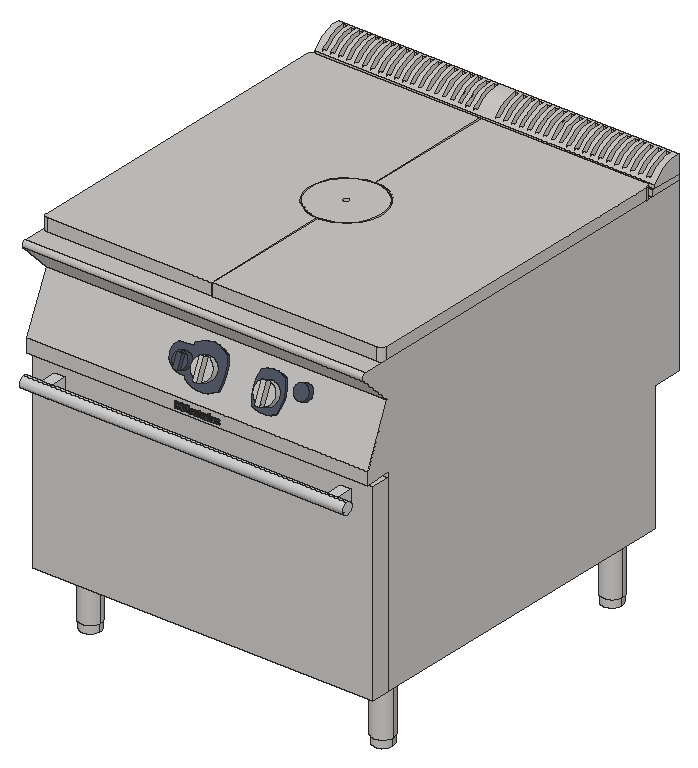
Revit family "QF_ELECTROLUXPROFESSIONAL_391606_E9DDATBBMEI", category Attrezzature speciali, Revit 2021
Family settings
  Quota connettore circolare = Usa diametro
  Tipo di parte = Normale
  Basato su piano di lavoro = No
  Sempre verticale = Sì
  Taglio con vuoti quando caricato = No
  Condiviso = No
  Punto di calcolo locali = No
Parameters (values of type "Standard")
  Weight = 171.00 kg
  Watts = 0 W
  Volts = 0 V
  URL Manufacturer = "https://www.electroluxprofessional.com/"
  URL = "https://www.electroluxprofessional.com/"
  Steam Supply Size = 0"
  Steam Supply Minimum Pressure = 0.00 psi
  Steam Supply Maximum Pressure = 0.00 psi
  Steam Consumption per Hour = 0
  Show Logo [instance] = yes
  Show Clearance [instance] = yes
  Refrigeration Suction Line Size = 0 mm
  Refrigeration Liquid Line Size = 0 mm
  Refrigerant Compressor Remote = yes
  Prospetto di default = 0 mm
  Phase = 0
  Modello = "E9DDATBBMEI"
  Produttore = "Electrolux Professional"
  Length Actual = 800 mm  # constant formula
  Item Number = "391606"
  Hot Water Size = 0"
  Height Actual = 850 mm  # constant formula
  HP = "0 HP"
  Gas Size = 1/2"
  Gas KW = 19
  Gas Input Pressure = 0.637167 Btu/h
  Direct Waste Size = 0"
  Descrizione = "GAS SOLID TOP+OVEN 800 MM - QMARK"
  Depth Actual = 930 mm  # constant formula
  Cycle = 0 Hz
  Condensate Return Size = 0"
  Compressed Air Volume = 0 GPM
  Compressed Air Size = 0"
  Compressed Air Pressure = 0.00 psi
  Cold Water Size = 0"
  Assembly Code = ""
  Accessory = yes
Reference planes
  plane 1 "BACK": y = 0
  plane 2: z = 0
  plane 3 "LEFT": x = 0
  plane 4 "RIGHT": x = 800
  plane 5 "FRONT": y = -930
  plane 6 "TOP": z = 909
  plane 7 "Center Y": x = 400
  plane 8 "Center X": y = -465
  plane 9 "Base": z = 150
  plane 10: z = 850.85
  plane 11: y = -1030
  plane 12: y = -1309
  plane 13: x = 56
  plane 14: x = 744
  plane 15: y = -126
  plane 16: y = -800
  plane 17: x = 780.125
  plane 18: x = 19.875
  plane 19: y = -664
Forms (mm)
  Revolve 1, solid, material "QF_Finishes_Stainless Steel"
    sketch origin (1, -126, 0) x (1, 0, 0) y (0, 0, 1)
      loop
        line (55, 0) -> (55, 150) -> (29.6, 150) -> (29.6, 19.05) -> (32.1, 19.05) -> (32.1, 0) -> (55, 0)
      axis (55, 0) -> (55, 150)
    angle from 0 to 360
  Revolve 2, solid, material "QF_Finishes_Stainless Steel"
    sketch origin (1, -800, 0) x (1, 0, 0) y (0, 0, 1)
      loop
        line (55, 0) -> (55, 150) -> (29.6, 150) -> (29.6, 19.05) -> (32.1, 19.05) -> (32.1, 0) -> (55, 0)
      axis (55, 0) -> (55, 150)
    angle from 0 to 360
  Revolve 3, solid, material "QF_Finishes_Stainless Steel"
    sketch origin (799, -126, 0) x (-1, 0, 0) y (0, 0, -1)
      loop
        line (55, 0) -> (32.1, 0) -> (32.1, -19.05) -> (29.6, -19.05) -> (29.6, -150) -> (55, -150) -> (55, 0)
      axis (55, 0) -> (55, -150)
    angle from 0 to 360
  Revolve 4, solid, material "QF_Finishes_Stainless Steel"
    sketch origin (799, -800, 0) x (-1, 0, 0) y (0, 0, -1)
      loop
        line (55, 0) -> (32.1, 0) -> (32.1, -19.05) -> (29.6, -19.05) -> (29.6, -150) -> (55, -150) -> (55, 0)
      axis (55, 0) -> (55, -150)
    angle from 0 to 360
  Extrusion 5, solid, material "QF_Finishes_Stainless Steel"
    sketch origin (0, 0, 0) x (0, 1, 0) y (0, 0, 1)
      loop
        line (0, 451) -> (0, 850.85) -> (-921.37, 850.85)
        arc (-921.37, 850.85) -> (-929.343, 845.523) -> (-927.472, 836.118) r 8.63
        line (-927.472, 836.118) -> (-858.137, 766.783) -> (-915.833, 641.426) -> (-915.833, 610.129) -> (-855.71, 614.825)
        arc (-855.71, 614.825) -> (-853.185, 614.077) -> (-852.093, 611.681) r 3.175
        line (-852.093, 611.681) -> (-852.093, 150) -> (-71, 150) -> (-71, 451) -> (0, 451)
    from 0 to 800
  Extrusion 6, solid, material "QF_Finishes_Stainless Steel"
    sketch origin (0, -852.093, 615.668) x (0, 0, -1) y (1, 0, 0)
      loop
        line (465.668, 0) -> (465.668, 800) -> (13.597, 800) -> (13.597, 0) -> (465.668, 0)
    from 3.175 to 47.778
  Extrusion 7, solid, material "QF_Finishes_Handrails and Railings"
    sketch origin (800, -852.093, 150) x (0, 0, 1) y (0, -1, 0)
      loop
        line (429.951, 47.778) -> (427.246, 86.456)
        arc (427.246, 86.456) -> (413.439, 87.649) -> (408.943, 100.759) r 12.7
        arc (408.943, 100.759) -> (408.126, 100.218) -> (407.351, 99.619) r 13.441
        arc (407.351, 99.619) -> (405.905, 97.814) -> (405.285, 95.586) r 5.77
        line (405.285, 95.586) -> (401.942, 47.778) -> (429.951, 47.778)
    from -76.2 to -50.8
  Extrusion 8, solid, material "QF_Finishes_Handrails and Railings"
    sketch origin (0, -852.093, 602.071) x (0, 0, -1) y (0, -1, 0)
      loop
        circle (30.812, 97.656) r 12.7
    from -19.875 to -780.125
  Extrusion 9, solid, material "QF_Finishes_Navy Blue", visible <- "Show Logo"
    sketch origin (0, -915.833, 228.55) x (0, 0, 1) y (-1, 0, 0)
      loop
        line (402.897, -357.807) -> (390.53, -357.807)
        arc (390.53, -357.807) -> (396.713, -362.379) -> (402.897, -357.807) r 6.467
      loop
        arc (402.897, -357.178) -> (401.728, -352.035) -> (397.072, -349.557) r 6.338
        line (397.072, -349.557) -> (397.072, -351.603)
        arc (397.072, -351.603) -> (398.555, -355.258) -> (402.001, -357.178) r 5.941
        line (402.001, -357.178) -> (402.897, -357.178)
      loop
        arc (391.425, -357.178) -> (394.871, -355.258) -> (396.355, -351.603) r 5.941
        line (396.355, -351.603) -> (396.355, -349.557)
        arc (396.355, -349.557) -> (391.661, -352.031) -> (390.371, -357.178) r 6.504
        line (390.371, -357.178) -> (391.425, -357.178)
      loop
        line (403.571, -349.088) -> (389.827, -349.088) -> (389.827, -362.851) -> (403.571, -362.851) -> (403.571, -349.088)
      loop
        arc (403.655, -365.819) -> (403.307, -365.461) -> (402.94, -365.799) r 0.358
        arc (402.94, -365.799) -> (402.626, -366.549) -> (401.909, -366.934) r 1.216
        line (401.909, -366.934) -> (391.497, -366.934)
        arc (391.497, -366.934) -> (390.837, -366.657) -> (390.441, -366.06) r 1.238
        arc (390.441, -366.06) -> (390.046, -365.809) -> (389.74, -366.163) r 0.358
        line (389.74, -366.163) -> (389.74, -376.042) -> (392.491, -376.042) -> (392.491, -375.145)
        arc (392.491, -375.145) -> (391.582, -374.565) -> (391.127, -373.588) r 1.928
        line (391.127, -373.588) -> (391.127, -371.089)
        arc (391.127, -371.089) -> (391.402, -370.36) -> (392.091, -369.996) r 1.101
        line (392.091, -369.996) -> (396.177, -369.996) -> (396.177, -373.67)
        arc (396.177, -373.67) -> (395.825, -374.167) -> (395.259, -374.395) r 1.083
        arc (395.259, -374.395) -> (394.996, -374.7) -> (395.288, -374.978) r 0.292
        line (395.288, -374.978) -> (398.25, -374.978)
        arc (398.25, -374.978) -> (398.553, -374.705) -> (398.314, -374.375) r 0.305
        arc (398.314, -374.375) -> (397.824, -374.127) -> (397.519, -373.67) r 1.083
        line (397.519, -373.67) -> (397.519, -369.996) -> (402.196, -369.996) -> (402.196, -373.744)
        arc (402.196, -373.744) -> (401.982, -374.499) -> (401.375, -374.997) r 1.314
        arc (401.375, -374.997) -> (401.156, -375.401) -> (401.511, -375.694) r 0.361
        line (401.511, -375.694) -> (403.655, -375.694) -> (403.655, -365.819)
      loop
        arc (402.938, -376.474) -> (402.557, -377.393) -> (401.639, -377.773) r 1.299
        line (401.639, -377.773) -> (392.06, -377.773)
        arc (392.06, -377.773) -> (391.222, -377.395) -> (390.95, -376.517) r 1.118
        line (390.95, -376.517) -> (389.74, -376.517) -> (389.74, -381.867) -> (390.929, -381.867)
        arc (390.929, -381.867) -> (391.201, -380.95) -> (392.07, -380.554) r 1.153
        line (392.07, -380.554) -> (404.143, -380.554) -> (402.938, -376.474)
      loop
        line (394.705, -384.503) -> (394.705, -390.951) -> (395.504, -390.951)
        arc (395.504, -390.951) -> (398.085, -389.966) -> (399.353, -387.513) r 3.874
        line (399.353, -387.513) -> (399.353, -385.752)
        arc (399.353, -385.752) -> (398.167, -382.887) -> (395.302, -381.701) r 4.051
        line (395.302, -381.701) -> (393.294, -381.701)
        arc (393.294, -381.701) -> (390.476, -383.186) -> (389.424, -386.193) r 4.352
        arc (389.424, -386.193) -> (389.789, -388.656) -> (391.166, -390.73) r 5.713
        line (391.166, -390.73) -> (392.115, -390.73)
        arc (392.115, -390.73) -> (391.382, -389.161) -> (391.166, -387.443) r 5.579
        arc (391.166, -387.443) -> (391.96, -385.48) -> (393.839, -384.503) r 3.057
        line (393.839, -384.503) -> (394.705, -384.503)
      loop
        line (395.965, -384.503) -> (395.965, -388.085)
        arc (395.965, -388.085) -> (397.421, -388.133) -> (398.304, -386.973) r 1.59
        line (398.304, -386.973) -> (398.304, -386.143)
        arc (398.304, -386.143) -> (397.44, -384.888) -> (395.965, -384.503) r 2.184
      loop
        arc (398.755, -400.368) -> (399.244, -398.694) -> (399.402, -396.957) r 9.023
        line (399.402, -396.957) -> (399.402, -395.595)
        arc (399.402, -395.595) -> (398.242, -392.795) -> (395.443, -391.636) r 3.959
        line (395.443, -391.636) -> (392.843, -391.636)
        arc (392.843, -391.636) -> (390.561, -392.928) -> (389.444, -395.301) r 4.331
        line (389.444, -395.301) -> (389.444, -397.436)
        arc (389.444, -397.436) -> (389.952, -398.986) -> (390.873, -400.332) r 5.772
        arc (390.873, -400.332) -> (391.635, -400.383) -> (391.722, -399.624) r 0.553
        arc (391.722, -399.624) -> (391.334, -398.89) -> (391.2, -398.071) r 2.573
        line (391.2, -398.071) -> (391.2, -396.556)
        arc (391.2, -396.556) -> (392.206, -394.915) -> (394.02, -394.272) r 2.884
        line (394.02, -394.272) -> (395.299, -394.272)
        arc (395.299, -394.272) -> (397.12, -394.832) -> (398.047, -396.497) r 2.554
        line (398.047, -396.497) -> (398.047, -397.55)
        arc (398.047, -397.55) -> (397.715, -398.478) -> (397.058, -399.213) r 2.564
        arc (397.058, -399.213) -> (396.837, -399.93) -> (397.446, -400.368) r 0.643
        line (397.446, -400.368) -> (398.755, -400.368)
      loop
        line (397.737, -400.638) -> (397.737, -402.139) -> (391.689, -402.139)
        arc (391.689, -402.139) -> (390.101, -402.797) -> (389.444, -404.385) r 2.246
        line (389.444, -404.385) -> (389.444, -405.969)
        arc (389.444, -405.969) -> (389.757, -406.834) -> (390.258, -407.605) r 4.06
        arc (390.258, -407.605) -> (390.99, -407.738) -> (391.242, -407.037) r 0.576
        arc (391.242, -407.037) -> (391.136, -406.512) -> (391.2, -405.979) r 1.69
        arc (391.2, -405.979) -> (391.741, -405.191) -> (392.648, -404.888) r 1.506
        line (392.648, -404.888) -> (397.786, -404.888) -> (397.786, -407.285) -> (398.342, -407.842) -> (399.164, -407.842) -> (399.164, -404.982) -> (402.395, -404.982) -> (397.737, -400.638)
      loop
        line (389.661, -408.739) -> (389.661, -414.126) -> (390.771, -414.126)
        arc (390.771, -414.126) -> (391.165, -413.175) -> (392.116, -412.781) r 1.345
        line (392.116, -412.781) -> (395.732, -412.781)
        arc (395.732, -412.781) -> (396.497, -413.373) -> (396.786, -414.295) r 1.615
        line (396.786, -414.295) -> (396.786, -415.851) -> (399.342, -416.536) -> (399.342, -415.153) -> (397.399, -412.594) -> (399.28, -412.594) -> (398.995, -409.888)
        arc (398.995, -409.888) -> (398.556, -409.358) -> (397.897, -409.559) r 0.621
        arc (397.897, -409.559) -> (397.497, -409.901) -> (397.003, -410.084) r 1.501
        line (397.003, -410.084) -> (392.116, -410.084)
        arc (392.116, -410.084) -> (391.165, -409.69) -> (390.771, -408.739) r 1.345
        line (390.771, -408.739) -> (389.661, -408.739)
      loop
        line (395.763, -416.073) -> (393.071, -416.073)
        arc (393.071, -416.073) -> (390.625, -417.381) -> (389.491, -419.912) r 4.288
        arc (389.491, -419.912) -> (389.428, -421.292) -> (389.491, -422.672) r 15.022
        arc (389.491, -422.672) -> (390.625, -425.203) -> (393.071, -426.51) r 4.288
        line (393.071, -426.51) -> (395.763, -426.51)
        arc (395.763, -426.51) -> (398.208, -425.203) -> (399.342, -422.672) r 4.288
        arc (399.342, -422.672) -> (399.406, -421.292) -> (399.342, -419.912) r 15.022
        arc (399.342, -419.912) -> (398.208, -417.381) -> (395.763, -416.073) r 4.288
      loop
        line (395.968, -419.187) -> (392.866, -419.187)
        arc (392.866, -419.187) -> (390.709, -421.344) -> (392.866, -423.501) r 2.157
        line (392.866, -423.501) -> (395.968, -423.501)
        arc (395.968, -423.501) -> (398.125, -421.344) -> (395.968, -419.187) r 2.157
      loop
        arc (402.948, -426.369) -> (402.578, -427.263) -> (401.684, -427.633) r 1.264
        line (401.684, -427.633) -> (391.82, -427.633)
        arc (391.82, -427.633) -> (390.95, -427.236) -> (390.678, -426.32) r 1.153
        line (390.678, -426.32) -> (389.74, -426.32) -> (389.74, -431.428) -> (390.669, -431.428)
        arc (390.669, -431.428) -> (391.028, -430.656) -> (391.82, -430.341) r 1.153
        line (391.82, -430.341) -> (404.143, -430.341) -> (402.948, -426.369)
      loop
        arc (398.069, -430.966) -> (397.87, -432.03) -> (396.9, -432.512) r 1.215
        line (396.9, -432.512) -> (391.88, -432.512)
        arc (391.88, -432.512) -> (390.266, -433.16) -> (389.545, -434.743) r 2.338
        line (389.545, -434.743) -> (389.545, -436.257)
        arc (389.545, -436.257) -> (389.719, -437.261) -> (390.222, -438.147) r 2.979
        line (390.222, -438.147) -> (389.74, -439.944) -> (389.74, -441.633) -> (399.166, -441.633) -> (398.872, -437.429) -> (398.086, -437.429)
        arc (398.086, -437.429) -> (397.73, -438.265) -> (396.978, -438.774) r 1.605
        line (396.978, -438.774) -> (391.875, -438.774)
        arc (391.875, -438.774) -> (391.454, -437.837) -> (391.382, -436.813) r 2.94
        arc (391.382, -436.813) -> (391.943, -435.712) -> (393.096, -435.269) r 1.724
        line (393.096, -435.269) -> (399.292, -435.269) -> (398.069, -430.966)
      loop
        line (399.097, -442.486) -> (397.425, -444.532) -> (394.251, -446.838) -> (390.794, -443.726)
        arc (390.794, -443.726) -> (390.557, -443.332) -> (390.58, -442.873) r 0.789
        line (390.58, -442.873) -> (389.74, -442.873) -> (389.74, -446.418) -> (390.567, -446.418)
        arc (390.567, -446.418) -> (390.909, -446.056) -> (391.399, -446.148) r 0.52
        line (391.399, -446.148) -> (393.199, -447.619) -> (391.081, -448.995)
        arc (391.081, -448.995) -> (390.68, -448.685) -> (390.593, -448.185) r 0.7
        line (390.593, -448.185) -> (389.74, -448.185) -> (389.74, -454.112) -> (390.627, -454.112)
        arc (390.627, -454.112) -> (390.694, -453.453) -> (391.089, -452.922) r 1.247
        line (391.089, -452.922) -> (395.289, -449.641) -> (397.736, -451.694) -> (399.097, -453.436) -> (399.097, -449.713) -> (397.612, -450.135) -> (396.09, -448.858) -> (397.791, -447.668) -> (399.097, -448.445) -> (399.097, -442.486)
    from 0 to 1.644
  Extrusion 10, solid, material "QF_Finishes_Stainless Steel"
    sketch origin (0, 0, 576.213) x (0, 1, 0) y (0, 0, 1)
      loop
        line (0, 274.638) -> (0, 288.925) -> (-76.2, 288.925) -> (-76.2, 274.638) -> (0, 274.638)
    from 0 to 800
  Extrusion 11, void
    sketch origin (34.989, 0, 865.138) x (-1, 0, 0) y (0, -1, 0)
      loop
        line (-335.017, 6.761) -> (-335.017, 63.911) -> (-344.313, 63.911) -> (-344.313, 6.761) -> (-335.017, 6.761)
      loop
        line (-316.325, 6.761) -> (-316.325, 63.911) -> (-325.62, 63.911) -> (-325.62, 6.761) -> (-316.325, 6.761)
      loop
        line (-297.632, 6.761) -> (-297.632, 63.911) -> (-306.928, 63.911) -> (-306.928, 6.761) -> (-297.632, 6.761)
      loop
        line (-278.94, 6.761) -> (-278.94, 63.911) -> (-288.235, 63.911) -> (-288.235, 6.761) -> (-278.94, 6.761)
      loop
        line (-260.247, 6.761) -> (-260.247, 63.911) -> (-269.543, 63.911) -> (-269.543, 6.761) -> (-260.247, 6.761)
      loop
        line (-241.554, 6.761) -> (-241.554, 63.911) -> (-250.85, 63.911) -> (-250.85, 6.761) -> (-241.554, 6.761)
      loop
        line (-222.862, 6.761) -> (-222.862, 63.911) -> (-232.157, 63.911) -> (-232.157, 6.761) -> (-222.862, 6.761)
      loop
        line (-204.169, 6.761) -> (-204.169, 63.911) -> (-213.465, 63.911) -> (-213.465, 6.761) -> (-204.169, 6.761)
      loop
        line (-185.476, 6.761) -> (-185.476, 63.911) -> (-194.772, 63.911) -> (-194.772, 6.761) -> (-185.476, 6.761)
      loop
        line (-166.784, 6.761) -> (-166.784, 63.911) -> (-176.08, 63.911) -> (-176.08, 6.761) -> (-166.784, 6.761)
      loop
        line (-148.091, 6.761) -> (-148.091, 63.911) -> (-157.387, 63.911) -> (-157.387, 6.761) -> (-148.091, 6.761)
      loop
        line (-129.399, 6.761) -> (-129.399, 63.911) -> (-138.694, 63.911) -> (-138.694, 6.761) -> (-129.399, 6.761)
      loop
        line (-110.706, 6.761) -> (-110.706, 63.911) -> (-120.002, 63.911) -> (-120.002, 6.761) -> (-110.706, 6.761)
      loop
        line (-92.013, 6.761) -> (-92.013, 63.911) -> (-101.309, 63.911) -> (-101.309, 6.761) -> (-92.013, 6.761)
      loop
        line (-73.321, 6.761) -> (-73.321, 63.911) -> (-82.617, 63.911) -> (-82.617, 6.761) -> (-73.321, 6.761)
      loop
        line (-54.628, 6.761) -> (-54.628, 63.911) -> (-63.924, 63.911) -> (-63.924, 6.761) -> (-54.628, 6.761)
      loop
        line (-35.936, 6.761) -> (-35.936, 63.911) -> (-45.231, 63.911) -> (-45.231, 6.761) -> (-35.936, 6.761)
      loop
        line (-17.243, 6.761) -> (-17.243, 63.911) -> (-26.539, 63.911) -> (-26.539, 6.761) -> (-17.243, 6.761)
      loop
        line (1.45, 6.761) -> (1.45, 63.911) -> (-7.846, 63.911) -> (-7.846, 6.761) -> (1.45, 6.761)
      loop
        line (20.142, 6.761) -> (20.142, 63.911) -> (10.846, 63.911) -> (10.846, 6.761) -> (20.142, 6.761)
      loop
        line (-395.005, 6.761) -> (-385.709, 6.761) -> (-385.709, 63.911) -> (-395.005, 63.911) -> (-395.005, 6.761)
      loop
        line (-413.697, 6.761) -> (-404.401, 6.761) -> (-404.401, 63.911) -> (-413.697, 63.911) -> (-413.697, 6.761)
      loop
        line (-432.39, 6.761) -> (-423.094, 6.761) -> (-423.094, 63.911) -> (-432.39, 63.911) -> (-432.39, 6.761)
      loop
        line (-451.082, 6.761) -> (-441.787, 6.761) -> (-441.787, 63.911) -> (-451.082, 63.911) -> (-451.082, 6.761)
      loop
        line (-469.775, 6.761) -> (-460.479, 6.761) -> (-460.479, 63.911) -> (-469.775, 63.911) -> (-469.775, 6.761)
      loop
        line (-488.468, 6.761) -> (-479.172, 6.761) -> (-479.172, 63.911) -> (-488.468, 63.911) -> (-488.468, 6.761)
      loop
        line (-507.16, 6.761) -> (-497.864, 6.761) -> (-497.864, 63.911) -> (-507.16, 63.911) -> (-507.16, 6.761)
      loop
        line (-525.853, 6.761) -> (-516.557, 6.761) -> (-516.557, 63.911) -> (-525.853, 63.911) -> (-525.853, 6.761)
      loop
        line (-544.545, 6.761) -> (-535.25, 6.761) -> (-535.25, 63.911) -> (-544.545, 63.911) -> (-544.545, 6.761)
      loop
        line (-563.238, 6.761) -> (-553.942, 6.761) -> (-553.942, 63.911) -> (-563.238, 63.911) -> (-563.238, 6.761)
      loop
        line (-581.931, 6.761) -> (-572.635, 6.761) -> (-572.635, 63.911) -> (-581.931, 63.911) -> (-581.931, 6.761)
      loop
        line (-600.623, 6.761) -> (-591.328, 6.761) -> (-591.328, 63.911) -> (-600.623, 63.911) -> (-600.623, 6.761)
      loop
        line (-619.316, 6.761) -> (-610.02, 6.761) -> (-610.02, 63.911) -> (-619.316, 63.911) -> (-619.316, 6.761)
      loop
        line (-638.008, 6.761) -> (-628.713, 6.761) -> (-628.713, 63.911) -> (-638.008, 63.911) -> (-638.008, 6.761)
      loop
        line (-656.701, 6.761) -> (-647.405, 6.761) -> (-647.405, 63.911) -> (-656.701, 63.911) -> (-656.701, 6.761)
      loop
        line (-675.394, 6.761) -> (-666.098, 6.761) -> (-666.098, 63.911) -> (-675.394, 63.911) -> (-675.394, 6.761)
      loop
        line (-694.086, 6.761) -> (-684.791, 6.761) -> (-684.791, 63.911) -> (-694.086, 63.911) -> (-694.086, 6.761)
      loop
        line (-712.779, 6.761) -> (-703.483, 6.761) -> (-703.483, 63.911) -> (-712.779, 63.911) -> (-712.779, 6.761)
      loop
        line (-731.472, 6.761) -> (-722.176, 6.761) -> (-722.176, 63.911) -> (-731.472, 63.911) -> (-731.472, 6.761)
      loop
        line (-750.164, 6.761) -> (-740.868, 6.761) -> (-740.868, 63.911) -> (-750.164, 63.911) -> (-750.164, 6.761)
    from 9.525 to 45.348
  Extrusion 12, solid, material "QF_Finishes_Stainless Steel"
    sketch origin (0, 0, 590.5) x (0, 1, 0) y (0, 0, 1)
      loop
        line (0, 274.638) -> (0, 318.5)
        arc (0, 318.5) -> (-39.107, 309.837) -> (-69.85, 284.162) r 84.633
        line (-69.85, 284.162) -> (-69.85, 274.638) -> (0, 274.638)
    from 0 to 800
  Extrusion 13, solid, material "QF_Finishes_Stainless Steel"
    sketch origin (0, -199.871, 850.85) x (0, -1, 0) y (1, 0, 0)
      loop
        arc (-117.571, 12.7) -> (-113.851, 3.72) -> (-104.871, 0) r 12.7
        line (-104.871, 0) -> (659.6, 0)
        arc (659.6, 0) -> (668.58, 3.72) -> (672.3, 12.7) r 12.7
        line (672.3, 12.7) -> (672.3, 398.413) -> (363.003, 398.413)
        arc (363.003, 398.413) -> (277.448, 314.787) -> (192.048, 398.571) r 85.497
        line (192.048, 398.571) -> (-117.571, 398.571) -> (-117.571, 12.7)
      loop
        arc (672.3, 787.3) -> (668.58, 796.28) -> (659.6, 800) r 12.7
        line (659.6, 800) -> (-104.871, 800)
        arc (-104.871, 800) -> (-113.851, 796.28) -> (-117.571, 787.3) r 12.7
        line (-117.571, 787.3) -> (-117.571, 401.528) -> (192.042, 401.528)
        arc (192.042, 401.528) -> (277.768, 485.459) -> (363.02, 401.047) r 85.5
        line (363.02, 401.047) -> (672.3, 401.047) -> (672.3, 787.3)
      loop
        circle (277.528, 400) r 82.6
      loop
        circle (277.528, 400) r 7
    from 0 to 28.575
  Extrusion 14, solid, material "QF_Finishes_Navy Blue"
    sketch origin (0, -858.941, 765.034) x (0, -0.418102, -0.9084) y (1, 0, 0)
      loop
        arc (28.21, 518.214) -> (63.792, 510.589) -> (99.5, 517.596) r 90.5
        arc (99.5, 517.596) -> (106.326, 546.784) -> (99.5, 575.972) r 65.817
        arc (99.5, 575.972) -> (63.793, 582.932) -> (28.21, 575.359) r 91.066
        arc (28.21, 575.359) -> (21.654, 546.786) -> (28.21, 518.214) r 65.546
    from 0 to 3.175
  Extrusion 15, solid, material "QF_Finishes_Stainless Steel"
    sketch origin (0, -861.826, 766.362) x (0, -0.418102, -0.9084) y (1, 0, 0)
      loop
        circle (66.843, 546.537) r 25.4
    from 0 to 12.7
  Extrusion 16, solid, material "QF_Finishes_Stainless Steel"
    sketch origin (0, -873.362, 771.672) x (0, -0.418102, -0.9084) y (1, 0, 0)
      loop
        arc (91.575, 540.751) -> (92.243, 546.537) -> (91.575, 552.323) r 25.4
        line (91.575, 552.323) -> (42.111, 552.323)
        arc (42.111, 552.323) -> (41.443, 546.537) -> (42.111, 540.751) r 25.4
        line (42.111, 540.751) -> (91.575, 540.751)
    from 0 to 12.7
  Extrusion 17, solid, material "QF_Finishes_Navy Blue"
    sketch origin (0, -858.941, 765.034) x (0, -0.418102, -0.9084) y (1, 0, 0)
      loop
        circle (40.362, 622.183) r 17.78
    from 0 to 12.7
  Extrusion 18, solid, material "QF_Finishes_Navy Blue"
    sketch origin (0, -858.941, 765.034) x (0, -0.418102, -0.9084) y (1, 0, 0)
      loop
        arc (26.478, 362.874) -> (29.507, 361.545) -> (32.583, 360.326) r 91.066
        arc (32.583, 360.326) -> (34.241, 342.736) -> (37.62, 325.393) r 179.528
        arc (37.62, 325.393) -> (61.589, 313.082) -> (85.559, 325.393) r 29.489
        arc (85.559, 325.393) -> (91.924, 341.728) -> (93.384, 359.198) r 61.044
        arc (93.384, 359.198) -> (96.362, 360.249) -> (99.301, 361.403) r 91.066
        arc (99.301, 361.403) -> (111.316, 400.51) -> (97.904, 439.16) r 65.817
        arc (97.904, 439.16) -> (62.728, 445.46) -> (27.837, 437.739) r 91.066
        arc (27.837, 437.739) -> (15.415, 400.52) -> (26.478, 362.874) r 65.546
    from 0 to 3.175
  Extrusion 19, solid, material "QF_Finishes_Stainless Steel"
    sketch origin (0, -861.826, 766.362) x (0, -0.418102, -0.9084) y (1, 0, 0)
      loop
        circle (66.843, 400) r 25.4
    from 0 to 12.7
  Extrusion 20, solid, material "QF_Finishes_Stainless Steel"
    sketch origin (0, -873.362, 771.672) x (0, -0.418102, -0.9084) y (1, 0, 0)
      loop
        arc (91.575, 394.214) -> (92.243, 400) -> (91.575, 405.786) r 25.4
        line (91.575, 405.786) -> (42.111, 405.786)
        arc (42.111, 405.786) -> (41.443, 400) -> (42.111, 394.214) r 25.4
        line (42.111, 394.214) -> (91.575, 394.214)
    from 0 to 12.7
  Extrusion 21, solid, material "QF_Finishes_Navy Blue"
    sketch origin (0, -861.826, 766.362) x (0, -0.418102, -0.9084) y (1, 0, 0)
      loop
        circle (66.843, 347.787) r 18.37
    from 0 to 12.7
  Extrusion 22, solid, material "QF_Finishes_Navy Blue"
    sketch origin (-0.312, -873.232, 771.955) x (0, -0.418102, -0.9084) y (1, 0, 0)
      loop
        arc (84.808, 342.354) -> (85.476, 348.14) -> (84.808, 353.926) r 25.4
        line (84.808, 353.926) -> (52.844, 353.926)
        arc (52.844, 353.926) -> (52.176, 348.14) -> (52.844, 342.354) r 25.4
        line (52.844, 342.354) -> (84.808, 342.354)
    from 0 to 8.112
  Extrusion 23, solid, material "QF_Finishes_Stainless Steel"
    sketch origin (0, -852.093, 150) x (1, 0, 0) y (0, -1, 0)
      loop
        circle (747.612, -188.093) r 6.4
    from 0 to 21
  Extrusion 24, solid, material "QF_Door-Drawer Clearances", visible <- "Show Clearance", detail levels coarse
    sketch origin (0, 0, 0) x (0, -1, 0) y (0, 0, 1)
      loop
        line (899.871, 602.071) -> (899.871, 150) -> (1309, 150)
        arc (1309, 150) -> (1185.465, 449.368) -> (899.871, 602.071) r 479.849
    from 0 to -800
  Extrusion 25, solid, material "QF_Clearances", visible <- "Show Clearance", detail levels coarse
    sketch origin (0, 0, 0) x (1, 0, 0) y (0, 1, 0)
      loop
        line (-100, -930) -> (0, -930) -> (0, 0) -> (800, 0) -> (800, -930) -> (900, -930) -> (900, 100) -> (-100, 100) -> (-100, -930)
    from 0 to 908
  Extrusion 26, solid, material "QF_Finishes_Handrails and Railings"
    sketch origin (0, -852.093, 150) x (0, 0, 1) y (0, 1, 0)
      loop
        line (429.951, -47.778) -> (401.942, -47.778) -> (405.285, -95.586)
        arc (405.285, -95.586) -> (405.905, -97.814) -> (407.351, -99.619) r 5.77
        arc (407.351, -99.619) -> (408.126, -100.218) -> (408.943, -100.759) r 13.441
        arc (408.943, -100.759) -> (413.439, -87.649) -> (427.246, -86.456) r 12.7
        line (427.246, -86.456) -> (429.951, -47.778)
    from -76.2 to -50.8
Cuts and joins
  Extrusion 11 cuts Extrusion 12
Lines and regions (mm)
  symbolic lines
    curve 1: line (0, -930, 150) -> (0, -1309, 150)
    curve 2: line (0, -1309, 150) -> (800, -1309, 150)
    curve 3: line (800, -1309, 150) -> (800, -930, 150)
    curve 4: line (800, -930, 150) -> (0, -930, 150)
    curve 5: line (0, 0, 150) -> (0, -930, 150)
    curve 6: line (0, -95, 150) -> (0, -859.471, 150)
    curve 7: arc (0, -859.471, 150) -> (3.72, -868.451, 150) -> (12.7, -872.171, 150) r 12.7
    curve 8: line (12.7, -872.171, 150) -> (398.413, -872.171, 150)
    curve 9: line (398.413, -872.171, 150) -> (398.413, -562.874, 150)
    curve 10: arc (398.413, -562.874, 150) -> (314.787, -477.319, 150) -> (398.571, -391.918, 150) r 85.497
    curve 11: line (398.571, -391.918, 150) -> (398.571, -82.3, 150)
    curve 12: line (398.571, -82.3, 150) -> (12.7, -82.3, 150)
    curve 13: arc (12.7, -82.3, 150) -> (3.72, -86.02, 150) -> (0, -95, 150) r 12.7
    curve 14: line (800, -859.471, 150) -> (800, -95, 150)
    curve 15: arc (800, -95, 150) -> (796.28, -86.02, 150) -> (787.3, -82.3, 150) r 12.7
    curve 16: line (787.3, -82.3, 150) -> (401.528, -82.3, 150)
    curve 17: line (401.528, -82.3, 150) -> (401.528, -391.912, 150)
    curve 18: arc (401.528, -391.912, 150) -> (485.46, -477.517, 150) -> (401.289, -562.888, 150) r 85.5
    curve 19: line (401.289, -562.888, 150) -> (401.289, -872.171, 150)
    curve 20: line (401.289, -872.171, 150) -> (787.3, -872.171, 150)
    curve 21: arc (787.3, -872.171, 150) -> (796.28, -868.451, 150) -> (800, -859.471, 150) r 12.7
    curve 22: arc (400, -394.799, 150) -> (317.4, -477.399, 150) -> (400, -559.999, 150) r 82.6
    curve 23: arc (400, -559.999, 150) -> (482.6, -477.399, 150) -> (400, -394.799, 150) r 82.6
    curve 24: arc (400, -470.399, 150) -> (407, -477.399, 150) -> (400, -484.399, 150) r 7
    curve 25: arc (400, -484.399, 150) -> (393, -477.399, 150) -> (400, -470.399, 150) r 7
    curve 26: line (0, -69.85, 150) -> (800, -69.85, 150)
    curve 27: line (0, -76.2, 150) -> (800, -76.2, 150)
    curve 28: line (800, -930, 150) -> (800, 0, 150)
    curve 29: line (0, 0, 150) -> (800, 0, 150)
    curve 30: line (24.143, -6.761, 150) -> (24.143, -63.911, 150)
    curve 31: line (24.143, -63.911, 150) -> (14.847, -63.911, 150)
    curve 32: line (14.847, -63.911, 150) -> (14.847, -6.761, 150)
    curve 33: line (14.847, -6.761, 150) -> (24.143, -6.761, 150)
    curve 34: line (379.302, -6.761, 150) -> (379.302, -63.911, 150)
    curve 35: line (379.302, -63.911, 150) -> (370.006, -63.911, 150)
    curve 36: line (370.006, -63.911, 150) -> (370.006, -6.761, 150)
    curve 37: line (370.006, -6.761, 150) -> (379.302, -6.761, 150)
    curve 38: line (429.994, -6.761, 150) -> (429.994, -63.911, 150)
    curve 39: line (429.994, -63.911, 150) -> (420.698, -63.911, 150)
    curve 40: line (420.698, -63.911, 150) -> (420.698, -6.761, 150)
    curve 41: line (420.698, -6.761, 150) -> (429.994, -6.761, 150)
    curve 42: line (360.61, -6.761, 150) -> (360.61, -63.911, 150)
    curve 43: line (360.61, -63.911, 150) -> (351.314, -63.911, 150)
    curve 44: line (351.314, -63.911, 150) -> (351.314, -6.761, 150)
    curve 45: line (351.314, -6.761, 150) -> (360.61, -6.761, 150)
    curve 46: line (341.917, -6.761, 150) -> (341.917, -63.911, 150)
    curve 47: line (341.917, -63.911, 150) -> (332.621, -63.911, 150)
    curve 48: line (332.621, -63.911, 150) -> (332.621, -6.761, 150)
    curve 49: line (332.621, -6.761, 150) -> (341.917, -6.761, 150)
    curve 50: line (323.224, -6.761, 150) -> (323.224, -63.911, 150)
    curve 51: line (323.224, -63.911, 150) -> (313.929, -63.911, 150)
    curve 52: line (313.929, -63.911, 150) -> (313.929, -6.761, 150)
    curve 53: line (313.929, -6.761, 150) -> (323.224, -6.761, 150)
    curve 54: line (304.532, -6.761, 150) -> (304.532, -63.911, 150)
    curve 55: line (304.532, -63.911, 150) -> (295.236, -63.911, 150)
    curve 56: line (295.236, -63.911, 150) -> (295.236, -6.761, 150)
    curve 57: line (295.236, -6.761, 150) -> (304.532, -6.761, 150)
    curve 58: line (285.839, -6.761, 150) -> (285.839, -63.911, 150)
    curve 59: line (285.839, -63.911, 150) -> (276.543, -63.911, 150)
    curve 60: line (276.543, -63.911, 150) -> (276.543, -6.761, 150)
    curve 61: line (276.543, -6.761, 150) -> (285.839, -6.761, 150)
    curve 62: line (267.146, -6.761, 150) -> (267.146, -63.911, 150)
    curve 63: line (267.146, -63.911, 150) -> (257.851, -63.911, 150)
    curve 64: line (257.851, -63.911, 150) -> (257.851, -6.761, 150)
    curve 65: line (257.851, -6.761, 150) -> (267.146, -6.761, 150)
    curve 66: line (248.454, -6.761, 150) -> (248.454, -63.911, 150)
    curve 67: line (248.454, -63.911, 150) -> (239.158, -63.911, 150)
    curve 68: line (239.158, -63.911, 150) -> (239.158, -6.761, 150)
    curve 69: line (239.158, -6.761, 150) -> (248.454, -6.761, 150)
    curve 70: line (229.761, -6.761, 150) -> (229.761, -63.911, 150)
    curve 71: line (229.761, -63.911, 150) -> (220.466, -63.911, 150)
    curve 72: line (220.466, -63.911, 150) -> (220.466, -6.761, 150)
    curve 73: line (220.466, -6.761, 150) -> (229.761, -6.761, 150)
    curve 74: line (211.069, -6.761, 150) -> (211.069, -63.911, 150)
    curve 75: line (211.069, -63.911, 150) -> (201.773, -63.911, 150)
    curve 76: line (201.773, -63.911, 150) -> (201.773, -6.761, 150)
    curve 77: line (201.773, -6.761, 150) -> (211.069, -6.761, 150)
    curve 78: line (192.376, -6.761, 150) -> (192.376, -63.911, 150)
    curve 79: line (192.376, -63.911, 150) -> (183.08, -63.911, 150)
    curve 80: line (183.08, -63.911, 150) -> (183.08, -6.761, 150)
    curve 81: line (183.08, -6.761, 150) -> (192.376, -6.761, 150)
    curve 82: line (173.683, -6.761, 150) -> (173.683, -63.911, 150)
    curve 83: line (173.683, -63.911, 150) -> (164.388, -63.911, 150)
    curve 84: line (164.388, -63.911, 150) -> (164.388, -6.761, 150)
    curve 85: line (164.388, -6.761, 150) -> (173.683, -6.761, 150)
    curve 86: line (154.991, -6.761, 150) -> (154.991, -63.911, 150)
    curve 87: line (154.991, -63.911, 150) -> (145.695, -63.911, 150)
    curve 88: line (145.695, -63.911, 150) -> (145.695, -6.761, 150)
    curve 89: line (145.695, -6.761, 150) -> (154.991, -6.761, 150)
    curve 90: line (136.298, -6.761, 150) -> (136.298, -63.911, 150)
    curve 91: line (136.298, -63.911, 150) -> (127.002, -63.911, 150)
    curve 92: line (127.002, -63.911, 150) -> (127.002, -6.761, 150)
    curve 93: line (127.002, -6.761, 150) -> (136.298, -6.761, 150)
    curve 94: line (117.606, -6.761, 150) -> (117.606, -63.911, 150)
    curve 95: line (117.606, -63.911, 150) -> (108.31, -63.911, 150)
    curve 96: line (108.31, -63.911, 150) -> (108.31, -6.761, 150)
    curve 97: line (108.31, -6.761, 150) -> (117.606, -6.761, 150)
    curve 98: line (98.913, -6.761, 150) -> (98.913, -63.911, 150)
    curve 99: line (98.913, -63.911, 150) -> (89.617, -63.911, 150)
    curve 100: line (89.617, -63.911, 150) -> (89.617, -6.761, 150)
    curve 101: line (89.617, -6.761, 150) -> (98.913, -6.761, 150)
    curve 102: line (80.22, -6.761, 150) -> (80.22, -63.911, 150)
    curve 103: line (80.22, -63.911, 150) -> (70.925, -63.911, 150)
    curve 104: line (70.925, -63.911, 150) -> (70.925, -6.761, 150)
    curve 105: line (70.925, -6.761, 150) -> (80.22, -6.761, 150)
    curve 106: line (61.528, -6.761, 150) -> (61.528, -63.911, 150)
    curve 107: line (61.528, -63.911, 150) -> (52.232, -63.911, 150)
    curve 108: line (52.232, -63.911, 150) -> (52.232, -6.761, 150)
    curve 109: line (52.232, -6.761, 150) -> (61.528, -6.761, 150)
    curve 110: line (42.835, -6.761, 150) -> (42.835, -63.911, 150)
    curve 111: line (42.835, -63.911, 150) -> (33.539, -63.911, 150)
    curve 112: line (33.539, -63.911, 150) -> (33.539, -6.761, 150)
    curve 113: line (33.539, -6.761, 150) -> (42.835, -6.761, 150)
    curve 114: line (635.612, -6.761, 150) -> (635.612, -63.911, 150)
    curve 115: line (635.612, -63.911, 150) -> (626.317, -63.911, 150)
    curve 116: line (626.317, -63.911, 150) -> (626.317, -6.761, 150)
    curve 117: line (626.317, -6.761, 150) -> (635.612, -6.761, 150)
    curve 118: line (616.92, -6.761, 150) -> (616.92, -63.911, 150)
    curve 119: line (616.92, -63.911, 150) -> (607.624, -63.911, 150)
    curve 120: line (607.624, -63.911, 150) -> (607.624, -6.761, 150)
    curve 121: line (607.624, -6.761, 150) -> (616.92, -6.761, 150)
    curve 122: line (598.227, -6.761, 150) -> (598.227, -63.911, 150)
    curve 123: line (598.227, -63.911, 150) -> (588.931, -63.911, 150)
    curve 124: line (588.931, -63.911, 150) -> (588.931, -6.761, 150)
    curve 125: line (588.931, -6.761, 150) -> (598.227, -6.761, 150)
    curve 126: line (579.534, -6.761, 150) -> (579.534, -63.911, 150)
    curve 127: line (579.534, -63.911, 150) -> (570.239, -63.911, 150)
    curve 128: line (570.239, -63.911, 150) -> (570.239, -6.761, 150)
    curve 129: line (570.239, -6.761, 150) -> (579.534, -6.761, 150)
    curve 130: line (560.842, -6.761, 150) -> (560.842, -63.911, 150)
    curve 131: line (560.842, -63.911, 150) -> (551.546, -63.911, 150)
    curve 132: line (551.546, -63.911, 150) -> (551.546, -6.761, 150)
    curve 133: line (551.546, -6.761, 150) -> (560.842, -6.761, 150)
    curve 134: line (542.149, -6.761, 150) -> (542.149, -63.911, 150)
    curve 135: line (542.149, -63.911, 150) -> (532.854, -63.911, 150)
    curve 136: line (532.854, -63.911, 150) -> (532.854, -6.761, 150)
    curve 137: line (532.854, -6.761, 150) -> (542.149, -6.761, 150)
    curve 138: line (523.457, -6.761, 150) -> (523.457, -63.911, 150)
    curve 139: line (523.457, -63.911, 150) -> (514.161, -63.911, 150)
    curve 140: line (514.161, -63.911, 150) -> (514.161, -6.761, 150)
    curve 141: line (514.161, -6.761, 150) -> (523.457, -6.761, 150)
    curve 142: line (504.764, -6.761, 150) -> (504.764, -63.911, 150)
    curve 143: line (504.764, -63.911, 150) -> (495.468, -63.911, 150)
    curve 144: line (495.468, -63.911, 150) -> (495.468, -6.761, 150)
    curve 145: line (495.468, -6.761, 150) -> (504.764, -6.761, 150)
    curve 146: line (486.071, -6.761, 150) -> (486.071, -63.911, 150)
    curve 147: line (486.071, -63.911, 150) -> (476.776, -63.911, 150)
    curve 148: line (476.776, -63.911, 150) -> (476.776, -6.761, 150)
    curve 149: line (476.776, -6.761, 150) -> (486.071, -6.761, 150)
    curve 150: line (467.379, -6.761, 150) -> (467.379, -63.911, 150)
    curve 151: line (467.379, -63.911, 150) -> (458.083, -63.911, 150)
    curve 152: line (458.083, -63.911, 150) -> (458.083, -6.761, 150)
    curve 153: line (458.083, -6.761, 150) -> (467.379, -6.761, 150)
    curve 154: line (448.686, -6.761, 150) -> (448.686, -63.911, 150)
    curve 155: line (448.686, -63.911, 150) -> (439.39, -63.911, 150)
    curve 156: line (439.39, -63.911, 150) -> (439.39, -6.761, 150)
    curve 157: line (439.39, -6.761, 150) -> (448.686, -6.761, 150)
    curve 158: line (785.153, -6.761, 150) -> (785.153, -63.911, 150)
    curve 159: line (785.153, -63.911, 150) -> (775.857, -63.911, 150)
    curve 160: line (775.857, -63.911, 150) -> (775.857, -6.761, 150)
    curve 161: line (775.857, -6.761, 150) -> (785.153, -6.761, 150)
    curve 162: line (766.461, -6.761, 150) -> (766.461, -63.911, 150)
    curve 163: line (766.461, -63.911, 150) -> (757.165, -63.911, 150)
    curve 164: line (757.165, -63.911, 150) -> (757.165, -6.761, 150)
    curve 165: line (757.165, -6.761, 150) -> (766.461, -6.761, 150)
    curve 166: line (747.768, -6.761, 150) -> (747.768, -63.911, 150)
    curve 167: line (747.768, -63.911, 150) -> (738.472, -63.911, 150)
    curve 168: line (738.472, -63.911, 150) -> (738.472, -6.761, 150)
    curve 169: line (738.472, -6.761, 150) -> (747.768, -6.761, 150)
    curve 170: line (729.075, -6.761, 150) -> (729.075, -63.911, 150)
    curve 171: line (729.075, -63.911, 150) -> (719.78, -63.911, 150)
    curve 172: line (719.78, -63.911, 150) -> (719.78, -6.761, 150)
    curve 173: line (719.78, -6.761, 150) -> (729.075, -6.761, 150)
    curve 174: line (710.383, -6.761, 150) -> (710.383, -63.911, 150)
    curve 175: line (710.383, -63.911, 150) -> (701.087, -63.911, 150)
    curve 176: line (701.087, -63.911, 150) -> (701.087, -6.761, 150)
    curve 177: line (701.087, -6.761, 150) -> (710.383, -6.761, 150)
    curve 178: line (691.69, -6.761, 150) -> (691.69, -63.911, 150)
    curve 179: line (691.69, -63.911, 150) -> (682.394, -63.911, 150)
    curve 180: line (682.394, -63.911, 150) -> (682.394, -6.761, 150)
    curve 181: line (682.394, -6.761, 150) -> (691.69, -6.761, 150)
    curve 182: line (672.998, -6.761, 150) -> (672.998, -63.911, 150)
    curve 183: line (672.998, -63.911, 150) -> (663.702, -63.911, 150)
    curve 184: line (663.702, -63.911, 150) -> (663.702, -6.761, 150)
    curve 185: line (663.702, -6.761, 150) -> (672.998, -6.761, 150)
    curve 186: line (654.305, -6.761, 150) -> (654.305, -63.911, 150)
    curve 187: line (654.305, -63.911, 150) -> (645.009, -63.911, 150)
    curve 188: line (645.009, -63.911, 150) -> (645.009, -6.761, 150)
    curve 189: line (645.009, -6.761, 150) -> (654.305, -6.761, 150)
    curve 193: line (19.875, -962.449, 0) -> (780.125, -962.449, 0)
    curve 194: line (19.875, -937.049, 0) -> (19.875, -962.449, 0)
    curve 195: line (780.125, -937.049, 0) -> (19.875, -937.049, 0)
    curve 196: line (780.125, -962.449, 0) -> (780.125, -937.049, 0)
    curve 197: line (50.8, -930, 0) -> (50.8, -937.049, 0)
    curve 198: line (76.2, -930, 0) -> (76.2, -937.049, 0)
    curve 199: line (723.8, -930, 0) -> (723.8, -937.049, 0)
    curve 200: line (749.2, -930, 0) -> (749.2, -937.049, 0)
  symbolic lines, style "QF_Clearances", visible <- "Show Clearance", detail levels coarse
    curve 190: line (-100, -930, 150) -> (-100, 100, 150)
    curve 191: line (-100, 100, 150) -> (900, 100, 150)
    curve 192: line (900, 100, 150) -> (900, -930, 150)
Dimensions and locks
  equal spacing: plane 3 "LEFT", plane 7 "Center Y", plane 4 "RIGHT"
  plane 3 "LEFT" to plane 4 "RIGHT" = 800 mm
  equal spacing: plane 5 "FRONT", plane 8 "Center X", plane 1 "BACK"
  plane 5 "FRONT" to plane 1 "BACK" = 930 mm  (x2)
  plane 6 "TOP" to level = 909 mm
  plane 9 "Base" to level = 150 mm
  plane 6 "TOP" to plane 10 = 58.15 mm  (x2)
  plane 1 "BACK" to plane 11 = 1030 mm
  plane 1 "BACK" to plane 12 = 1309 mm
  plane 3 "LEFT" to plane 13 = 56 mm
  plane 4 "RIGHT" to plane 14 = 56 mm
  plane 14 to plane 13 = 688 mm
  plane 15 to plane 1 "BACK" = 126 mm
  plane 12 to plane 1 "BACK" = 1309 mm
  Extrusion 24 to plane 1 "BACK" = 899.871 mm
  Extrusion 5 to plane 1 "BACK" = 71 mm
  plane 9 "Base" to Extrusion 5 = 301 mm
  Extrusion 23 sketch curve to plane 4 "RIGHT" = 52.388 mm
  Extrusion 23 sketch curve to plane 1 "BACK" = 664 mm
  plane 16 to plane 15 = 674 mm
  plane 19 to plane 1 "BACK" = 664 mm
  plane 9 "Base" to plane 2 = 150 mm
  plane 10 to plane 2 = 850.85 mm
  Extrusion 24 to plane 16 = 99.871 mm
  Extrusion 23 to plane 9 "Base" = 21 mm
  plane 2 to Extrusion 23 = 129 mm
  aligned and locked: level to plane 2
Automatic sketch dimensions
  plane 3 "LEFT" to curve 195 = 19.875 mm
  plane 13 to curve 197 = 5.2 mm
  curve 198 to plane 13 = 20.2 mm
  curve 199 to plane 14 = 20.2 mm
  plane 14 to curve 200 = 5.2 mm
  curve 195 to plane 4 "RIGHT" = 19.875 mm
  curve 193 to plane 16 = 162.449 mm
  curve 193 to curve 195 = 25.4 mm
  curve 198 to curve 198 = 7.049 mm
  curve 200 to curve 200 = 7.049 mm
  curve 197 to curve 197 = 7.049 mm
  curve 199 to curve 199 = 7.049 mm
  curve 22 to curve 23 = 0 mm  (x2)
  curve 22 to curve 24 = 0 mm  (x2)
  curve 22 to curve 25 = 0 mm  (x2)
  curve 23 to curve 24 = 0 mm  (x2)
  curve 23 to curve 25 = 0 mm  (x2)
  curve 24 to curve 25 = 0 mm  (x2)
  plane 5 "FRONT" to curve 192 = 0 mm
  curve 2 to plane 4 "RIGHT" = 0 mm
  curve 25 to plane 7 "Center Y" = 0 mm
  curve 26 to plane 3 "LEFT" = 0 mm
  plane 5 "FRONT" to curve 190 = 0 mm
  plane 1 "BACK" to curve 29 = 0 mm
  plane 12 to curve 2 = 0 mm
  plane 4 "RIGHT" to curve 192 = 100 mm
  plane 1 "BACK" to curve 161 = 6.761 mm
  curve 161 to plane 4 "RIGHT" = 14.847 mm
  curve 158 to curve 160 = 9.296 mm
  curve 159 to curve 163 = 9.397 mm
  curve 162 to curve 164 = 9.296 mm
  plane 14 to curve 169 = 3.768 mm
  plane 14 to curve 14 = 56 mm
  curve 167 to plane 14 = 5.528 mm
  plane 14 to curve 21 = 43.3 mm
  plane 14 to curve 15 = 43.3 mm
  curve 167 to curve 170 = 9.397 mm
  curve 170 to curve 172 = 9.296 mm
  curve 172 to curve 174 = 9.397 mm
  curve 174 to curve 177 = 9.296 mm
  curve 176 to curve 181 = 9.397 mm
  curve 178 to curve 180 = 9.296 mm
  curve 179 to curve 182 = 9.397 mm
  curve 182 to curve 184 = 9.296 mm
  curve 184 to curve 189 = 9.397 mm
  curve 186 to curve 189 = 9.296 mm
  curve 188 to curve 114 = 9.397 mm
  curve 114 to curve 116 = 9.296 mm
  curve 116 to curve 118 = 9.397 mm
  curve 118 to curve 120 = 9.296 mm
  curve 120 to curve 122 = 9.397 mm
  curve 122 to curve 124 = 9.296 mm
  curve 124 to curve 126 = 9.397 mm
  curve 126 to curve 127 = 9.296 mm
  curve 128 to curve 130 = 9.397 mm
  curve 130 to curve 132 = 9.296 mm
  curve 131 to curve 134 = 9.397 mm
  curve 134 to curve 136 = 9.296 mm
  curve 136 to curve 138 = 9.397 mm
  curve 138 to curve 141 = 9.296 mm
  curve 139 to curve 142 = 9.397 mm
  curve 142 to curve 143 = 9.296 mm
  curve 143 to curve 147 = 9.397 mm
  curve 146 to curve 147 = 9.296 mm
  curve 148 to curve 153 = 9.397 mm
  curve 150 to curve 152 = 9.296 mm
  curve 152 to curve 154 = 9.397 mm
  curve 154 to curve 156 = 9.296 mm
  curve 156 to curve 38 = 9.397 mm
  curve 38 to curve 40 = 9.296 mm
  plane 7 "Center Y" to curve 17 = 1.528 mm
  plane 7 "Center Y" to curve 20 = 1.289 mm
  plane 7 "Center Y" to curve 10 = 0.283 mm
  curve 18 to plane 7 "Center Y" = 0.04 mm
  curve 10 to plane 7 "Center Y" = 1.429 mm
  curve 8 to plane 7 "Center Y" = 1.587 mm
  plane 1 "BACK" to curve 34 = 6.761 mm
  curve 34 to plane 7 "Center Y" = 20.698 mm
  curve 34 to curve 37 = 9.296 mm
  curve 35 to curve 42 = 9.397 mm
  curve 42 to curve 44 = 9.296 mm
  curve 43 to curve 46 = 9.397 mm
  curve 46 to curve 48 = 9.296 mm
  curve 47 to curve 50 = 9.397 mm
  curve 50 to curve 52 = 9.296 mm
  curve 52 to curve 54 = 9.397 mm
  curve 54 to curve 55 = 9.296 mm
  curve 55 to curve 58 = 9.397 mm
  curve 58 to curve 59 = 9.296 mm
  curve 60 to curve 62 = 9.397 mm
  curve 62 to curve 64 = 9.296 mm
  curve 63 to curve 66 = 9.397 mm
  curve 66 to curve 68 = 9.296 mm
  curve 67 to curve 70 = 9.397 mm
  curve 70 to curve 72 = 9.296 mm
  curve 71 to curve 74 = 9.397 mm
  curve 74 to curve 76 = 9.296 mm
  curve 75 to curve 79 = 9.397 mm
  curve 78 to curve 79 = 9.296 mm
  curve 79 to curve 83 = 9.397 mm
  curve 82 to curve 84 = 9.296 mm
  curve 84 to curve 86 = 9.397 mm
  curve 86 to curve 87 = 9.296 mm
  curve 87 to curve 90 = 9.397 mm
  curve 90 to curve 92 = 9.296 mm
  curve 91 to curve 94 = 9.397 mm
  curve 94 to curve 95 = 9.296 mm
  curve 96 to curve 98 = 9.397 mm
  curve 98 to curve 100 = 9.296 mm
  curve 100 to curve 102 = 9.397 mm
  curve 102 to curve 105 = 9.296 mm
  plane 13 to curve 13 = 43.3 mm
  plane 13 to curve 7 = 43.3 mm
  curve 109 to plane 13 = 5.528 mm
  plane 13 to curve 7 = 56 mm
  plane 13 to curve 108 = 3.768 mm
  curve 108 to curve 110 = 9.397 mm
  curve 110 to curve 111 = 9.296 mm
  curve 111 to curve 31 = 9.397 mm
  curve 30 to curve 33 = 9.296 mm
  curve 190 to plane 3 "LEFT" = 100 mm
  curve 190 to plane 1 "BACK" = 100 mm
  plane 1 "BACK" to curve 186 = 6.761 mm
  plane 1 "BACK" to curve 185 = 6.761 mm
  plane 1 "BACK" to curve 181 = 6.761 mm
  plane 1 "BACK" to curve 177 = 6.761 mm
  plane 1 "BACK" to curve 173 = 6.761 mm
  plane 1 "BACK" to curve 169 = 6.761 mm
  plane 1 "BACK" to curve 165 = 6.761 mm
  plane 1 "BACK" to curve 157 = 6.761 mm
  plane 1 "BACK" to curve 153 = 6.761 mm
  plane 1 "BACK" to curve 149 = 6.761 mm
  plane 1 "BACK" to curve 145 = 6.761 mm
  plane 1 "BACK" to curve 141 = 6.761 mm
  plane 1 "BACK" to curve 137 = 6.761 mm
  plane 1 "BACK" to curve 133 = 6.761 mm
  plane 1 "BACK" to curve 93 = 6.761 mm
  plane 1 "BACK" to curve 30 = 6.761 mm
  plane 1 "BACK" to curve 129 = 6.761 mm
  plane 1 "BACK" to curve 125 = 6.761 mm
  plane 1 "BACK" to curve 38 = 6.761 mm
  plane 1 "BACK" to curve 121 = 6.761 mm
  plane 1 "BACK" to curve 42 = 6.761 mm
  plane 1 "BACK" to curve 117 = 6.761 mm
  plane 1 "BACK" to curve 46 = 6.761 mm
  plane 1 "BACK" to curve 113 = 6.761 mm
  plane 1 "BACK" to curve 50 = 6.761 mm
  plane 1 "BACK" to curve 109 = 6.761 mm
  plane 1 "BACK" to curve 54 = 6.761 mm
  plane 1 "BACK" to curve 105 = 6.761 mm
  plane 1 "BACK" to curve 58 = 6.761 mm
  plane 1 "BACK" to curve 101 = 6.761 mm
  plane 1 "BACK" to curve 62 = 6.761 mm
  plane 1 "BACK" to curve 97 = 6.761 mm
  plane 1 "BACK" to curve 66 = 6.761 mm
  plane 1 "BACK" to curve 70 = 6.761 mm
  plane 1 "BACK" to curve 89 = 6.761 mm
  plane 1 "BACK" to curve 74 = 6.761 mm
  plane 1 "BACK" to curve 85 = 6.761 mm
  plane 1 "BACK" to curve 78 = 6.761 mm
  curve 80 to curve 80 = 57.15 mm
  curve 78 to curve 76 = 0 mm
  curve 82 to curve 79 = 0 mm
  curve 74 to curve 72 = 0 mm
  curve 86 to curve 83 = 0 mm
  curve 70 to curve 68 = 0 mm
  curve 90 to curve 87 = 0 mm
  curve 66 to curve 64 = 0 mm
  curve 188 to curve 188 = 57.15 mm
  curve 95 to curve 91 = 0 mm
  curve 62 to curve 60 = 0 mm
  curve 98 to curve 95 = 0 mm
  curve 58 to curve 56 = 0 mm
  curve 102 to curve 99 = 0 mm
  curve 54 to curve 52 = 0 mm
  curve 106 to curve 103 = 0 mm
  curve 50 to curve 48 = 0 mm
  curve 110 to curve 107 = 0 mm
  curve 46 to curve 44 = 0 mm
  curve 114 to curve 187 = 0 mm
  curve 40 to curve 40 = 57.15 mm
  curve 118 to curve 115 = 0 mm
  curve 42 to curve 36 = 0 mm
  curve 122 to curve 119 = 0 mm
  curve 32 to curve 111 = 0 mm
  curve 126 to curve 123 = 0 mm
  curve 130 to curve 127 = 0 mm
  curve 186 to curve 184 = 0 mm
  curve 134 to curve 131 = 0 mm
  curve 182 to curve 180 = 0 mm
  curve 138 to curve 135 = 0 mm
  curve 178 to curve 176 = 0 mm
  curve 142 to curve 139 = 0 mm
  curve 174 to curve 172 = 0 mm
  curve 146 to curve 143 = 0 mm
  curve 170 to curve 168 = 0 mm
  curve 150 to curve 147 = 0 mm
  curve 166 to curve 164 = 0 mm
  curve 154 to curve 151 = 0 mm
  curve 162 to curve 160 = 0 mm
  curve 31 to curve 26 = 5.939 mm
  curve 26 to curve 27 = 6.35 mm
  curve 170 to curve 15 = 18.389 mm
  curve 11 to curve 16 = 0 mm
  plane 8 "Center X" to curve 17 = 73.088 mm
  curve 17 to curve 10 = 0.006 mm
  curve 11 to curve 22 = 2.881 mm
  curve 25 to plane 8 "Center X" = 5.399 mm
  curve 25 to curve 10 = 6.999 mm
  curve 10 to curve 18 = 0 mm
  curve 18 to curve 22 = 0.001 mm
  curve 21 to plane 16 = 59.471 mm
  curve 7 to plane 16 = 59.471 mm
  curve 28 to plane 16 = 130 mm
  Revolve 1 sketch curve to plane 9 "Base" = 0 mm  (x2)
  Revolve 1 sketch curve to level = 0 mm
  plane 13 to Revolve 1 sketch curve = 0 mm  (x2)
  plane 13 to Revolve 1 sketch curve = 22.9 mm
  Revolve 1 sketch curve to Revolve 1 sketch curve = 2.5 mm
  level to Revolve 1 sketch curve = 19.05 mm
  plane 9 "Base" to Revolve 1 sketch curve = 20 mm
  Revolve 2 sketch curve to plane 9 "Base" = 0 mm  (x2)
  Revolve 2 sketch curve to level = 0 mm
  plane 13 to Revolve 2 sketch curve = 0 mm  (x2)
  plane 13 to Revolve 2 sketch curve = 22.9 mm
  Revolve 2 sketch curve to Revolve 2 sketch curve = 2.5 mm
  level to Revolve 2 sketch curve = 19.05 mm
  plane 9 "Base" to Revolve 2 sketch curve = 20 mm
  Revolve 3 sketch curve to plane 9 "Base" = 0 mm  (x2)
  Revolve 3 sketch curve to level = 0 mm
  Revolve 3 sketch curve to plane 14 = 0 mm  (x2)
  plane 14 to Revolve 3 sketch curve = 22.9 mm
  Revolve 3 sketch curve to Revolve 3 sketch curve = 2.5 mm
  plane 9 "Base" to Revolve 3 sketch curve = 20 mm
  level to Revolve 3 sketch curve = 19.05 mm
  Revolve 4 sketch curve to plane 9 "Base" = 0 mm  (x2)
  Revolve 4 sketch curve to level = 0 mm
  Revolve 4 sketch curve to plane 14 = 0 mm  (x2)
  plane 14 to Revolve 4 sketch curve = 22.9 mm
  Revolve 4 sketch curve to Revolve 4 sketch curve = 2.5 mm
  plane 9 "Base" to Revolve 4 sketch curve = 20 mm
  level to Revolve 4 sketch curve = 19.05 mm
  Extrusion 5 sketch curve to plane 10 = 0 mm
  Extrusion 5 sketch curve to plane 9 "Base" = 0 mm
  Extrusion 5 sketch curve to plane 1 "BACK" = 0 mm
  Extrusion 5 sketch curve to plane 15 = 55 mm
  Extrusion 5 sketch curve to plane 16 = 52.093 mm
  Extrusion 5 sketch curve to Extrusion 5 sketch curve = 3.175 mm
  Extrusion 5 sketch curve to Extrusion 5 sketch curve = 0.442 mm
  Extrusion 5 sketch curve to plane 16 = 58.137 mm
  Extrusion 5 sketch curve to plane 5 "FRONT" = 14.167 mm
  Extrusion 5 sketch curve to plane 5 "FRONT" = 8.63 mm
  Extrusion 5 sketch curve to plane 5 "FRONT" = 2.528 mm
  plane 9 "Base" to Extrusion 5 sketch curve = 301 mm
  Extrusion 5 sketch curve to plane 10 = 240.721 mm
  Extrusion 5 sketch curve to Extrusion 5 sketch curve = 1.552 mm
  Extrusion 5 sketch curve to Extrusion 5 sketch curve = 31.298 mm
  Extrusion 5 sketch curve to plane 10 = 84.067 mm
  Extrusion 5 sketch curve to plane 10 = 14.732 mm
  Extrusion 6 sketch curve to Extrusion 5 = 0 mm  (x2)
  Extrusion 5 to Extrusion 6 sketch curve = 0 mm
  Extrusion 5 to Extrusion 6 sketch curve = 9.61 mm
  Extrusion 7 sketch curve to Extrusion 6 = 0 mm
  Extrusion 7 sketch curve to Extrusion 6 = 50.129 mm
  Extrusion 7 sketch curve to Extrusion 6 = 46.786 mm
  Extrusion 7 sketch curve to Extrusion 7 sketch curve = 2.066 mm
  Extrusion 7 sketch curve to Extrusion 7 sketch curve = 0 mm  (x2)
  Extrusion 7 sketch curve to Extrusion 7 sketch curve = 1.593 mm
  Extrusion 7 sketch curve to Extrusion 7 sketch curve = 5.756 mm
  Extrusion 7 sketch curve to Extrusion 7 sketch curve = 4.906 mm
  Extrusion 7 sketch curve to Extrusion 7 sketch curve = 5.312 mm
  Extrusion 7 sketch curve to Extrusion 7 sketch curve = 11.3 mm
  Extrusion 7 sketch curve to Extrusion 6 = 22.12 mm
  Extrusion 7 sketch curve to Extrusion 6 = 38.678 mm
  Extrusion 7 sketch curve to Extrusion 7 sketch curve = 2.83 mm
  Extrusion 7 sketch curve to Extrusion 7 sketch curve = 5.898 mm
  Extrusion 9 sketch curve to Extrusion 5 = 2.805 mm
  Extrusion 9 sketch curve to Extrusion 5 = 7.845 mm
  Extrusion 9 sketch curve to Extrusion 5 = 7.865 mm  (x2)
  Extrusion 9 sketch curve to Extrusion 9 sketch curve = 5.108 mm  (x2)
  Extrusion 9 sketch curve to Extrusion 9 sketch curve = 0 mm  (x27)
  Extrusion 9 sketch curve to Extrusion 5 = 7.966 mm
  Extrusion 9 sketch curve to Extrusion 9 sketch curve = 0.218 mm
  Extrusion 9 sketch curve to Extrusion 9 sketch curve = 0.195 mm
  Extrusion 9 sketch curve to Extrusion 9 sketch curve = 0.249 mm
  Extrusion 9 sketch curve to Extrusion 5 = 8.162 mm
  Extrusion 9 sketch curve to Extrusion 9 sketch curve = 0.087 mm
  Extrusion 9 sketch curve to Extrusion 9 sketch curve = 0.358 mm
  Extrusion 9 sketch curve to Extrusion 9 sketch curve = 0.481 mm
  Extrusion 9 sketch curve to Extrusion 9 sketch curve = 0.597 mm
  Extrusion 9 sketch curve to Extrusion 9 sketch curve = 0.544 mm
  Extrusion 9 sketch curve to Extrusion 9 sketch curve = 0.936 mm
  Extrusion 9 sketch curve to Extrusion 9 sketch curve = 0.594 mm
  Extrusion 9 sketch curve to Extrusion 9 sketch curve = 0.343 mm
  Extrusion 9 sketch curve to Extrusion 9 sketch curve = 0.159 mm
  Extrusion 9 sketch curve to Extrusion 9 sketch curve = 0.826 mm
  Extrusion 9 sketch curve to Extrusion 9 sketch curve = 0.839 mm
  Extrusion 9 sketch curve to Extrusion 9 sketch curve = 0.852 mm
  Extrusion 9 sketch curve to Extrusion 9 sketch curve = 0.887 mm
  Extrusion 9 sketch curve to Extrusion 9 sketch curve = 0.928 mm
  Extrusion 9 sketch curve to Extrusion 9 sketch curve = 0.938 mm
  Extrusion 9 sketch curve to Extrusion 9 sketch curve = 0.444 mm
  Extrusion 9 sketch curve to Extrusion 9 sketch curve = 1.11 mm  (x3)
  Extrusion 9 sketch curve to Extrusion 9 sketch curve = 0.215 mm
  Extrusion 9 sketch curve to Extrusion 9 sketch curve = 1.43 mm
  Extrusion 9 sketch curve to Extrusion 9 sketch curve = 1.188 mm
  Extrusion 9 sketch curve to Extrusion 9 sketch curve = 1.21 mm  (x2)
  Extrusion 9 sketch curve to Extrusion 9 sketch curve = 0.503 mm
  Extrusion 9 sketch curve to Extrusion 9 sketch curve = 0.488 mm
  Extrusion 9 sketch curve to Extrusion 9 sketch curve = 0.462 mm
  Extrusion 9 sketch curve to Extrusion 9 sketch curve = 1.386 mm
  Extrusion 9 sketch curve to Extrusion 9 sketch curve = 1.742 mm  (x2)
  Extrusion 9 sketch curve to Extrusion 9 sketch curve = 0.821 mm
  Extrusion 9 sketch curve to Extrusion 9 sketch curve = 0.497 mm
  Extrusion 9 sketch curve to Extrusion 9 sketch curve = 0.539 mm
  Extrusion 9 sketch curve to Extrusion 9 sketch curve = 0.199 mm
